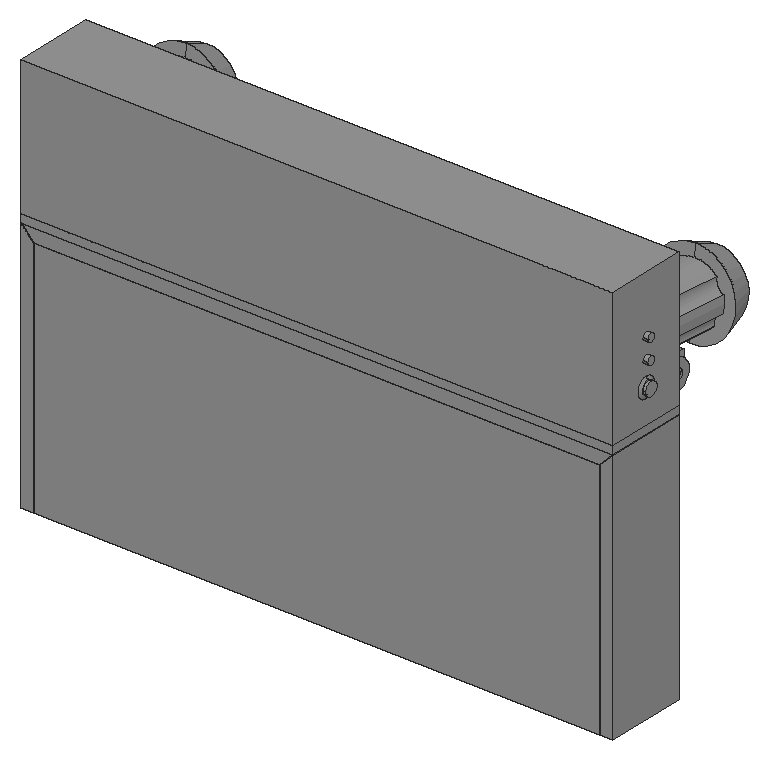
Revit family "STXC612LRLGUU2BTMRSWCT", category Lighting Fixtures, host Wall, Revit 2026
Family settings
  Host = Wall
  Round Connector Dimension = Use Diameter
  Part Type = Normal
  Always vertical = Yes
  Cut with Voids When Loaded = No
  Light Source = Yes
  Maintain Annotation Orientation = No
  Shared = No
  Room Calculation Point = No
Parameters (values of type "STXC6-12LRUU2BTMRSWCT")
  Wattage Comments = "1W"
  Wattage = 4.35567 W
  built-in parameter 1150110 = 1 (stored number, unit not read)
  Type Image = STXC CT - IMAGE.jpg
  built-in parameter 1114217 = 1 (stored number, unit not read)
  Tilt Angle = 0.00°
  built-in parameter 1150109 = 1 (stored number, unit not read)
  built-in parameter 1150134 = 2
  built-in parameter 1150113 = 1 (stored number, unit not read)
  Photometric Web File = "MR16 LED_7W-12-24V.ies"
  Model = "STXC CT"
  Manufacturer = "BEGHELLI"
  MOUNTING HEIGHT = 90.00"
  built-in parameter 1150105 = 51.487 (stored number, unit not read)
  Lumens = 647 lm
  built-in parameter 1150115 = 1 (stored number, unit not read)
  built-in parameter 1150137 = (empty or 0)
  built-in parameter 1150139 = (empty or 0)
  built-in parameter 1150112 = 1 (stored number, unit not read)
  built-in parameter 1150114 = 1 (stored number, unit not read)
  Lamp = "LED"
  LETTER MATERIAL = LETTERS MATERIAL RED
  LENS MATERIAL = LENS MATERIAL
  built-in parameter 1150132 = 2
  built-in parameter 1150102 = (empty or 0)
  built-in parameter 1150107 = 5000 (stored number, unit not read)
  built-in parameter 1150138 = (empty or 0)
  built-in parameter 1150106 = 0.51487 (stored number, unit not read)
  HOUSING MATERIAL = HOUSING MATERIAL
  Emit from Line Length = 24.00"
  built-in parameter 1150104 = 13.8 (stored number, unit not read)
  Dimming Lamp Color Temperature Shift = <None>
  Default Elevation = 0.00"
  Color Filter = 16777215
  built-in parameter 1114218 = 1 (stored number, unit not read)
  built-in parameter 1150133 = 10 (stored number, unit not read)
Types (3): name | Wattage | Tilt Angle | built-in parameter 1150134 | Photometric Web File | MOUNTING HEIGHT | built-in parameter 1150105 | Lumens | LETTER MATERIAL | built-in parameter 1150132 | built-in parameter 1150107 | built-in parameter 1150106
  (no name) | 4.35567 W | 0.00° | 2 | "MR16 LED_7W-12-24V.ies" | 90.00" | 51.487 (stored number, unit not read) | 647 lm | LETTERS MATERIAL RED | 2 | 5000 (stored number, unit not read) | 0.51487 (stored number, unit not read)
  STXC6-12LGUU2BTMRSWCT | 9.2903 W | 60.00° | 3 | "generic" | 92.93795" | 109.82 (stored number, unit not read) | 1380 lm | LETTERS MATERIAL GREEN | (empty or 0) | 3200 (stored number, unit not read) | 1.0982 (stored number, unit not read)
  STXC6-12LRUU2BTMRSWCT | 4.35567 W | 0.00° | 2 | "MR16 LED_7W-12-24V.ies" | 90.00" | 51.487 (stored number, unit not read) | 647 lm | LETTERS MATERIAL RED | 2 | 5000 (stored number, unit not read) | 0.51487 (stored number, unit not read)
Reference planes (in)
  plane 1: y = 0
  plane 2 "Center (Left/Right)": x = 0
  plane 3 "Wall Edge": y = 3
  plane 4: z = 90
Text (in)
  text "Placement Side" at (0, 40.15149, 123.01588), in view "Right"
  text "Placement Side" at (-70.3804, 28.46503, 0), in view "Ref. Level"
  text "Placement Side" at (0, 81.62555, 140.59947), in view "Left"
Dimensions and locks (in)
  locked: plane 3 "Wall Edge" to host wall
  "MOUNTING HEIGHT": plane 4 to level
  locked: plane 4 to imposter light at 4.17
  aligned and locked: imposter light to nested 1
Nested families (in)
  nested 1: "STXC CT - WALL" at (0, 4.25, 77.83), type "STXC CT - WALL"
Definition of nested family "STXC CT - WALL"
  Parameters (values of type "STXC CT - WALL")
    LETTTER MATERIAL = none
    LENS MATERIAL = none
    HOUSING MATERIAL = none
    Default Elevation = 0.00"
  Reference planes (in)
    plane 1 "Center (Front/Back)": y = 0
    plane 2: z = 0
    plane 3 "Center (Left/Right)": x = 0
  Dimensions and locks (in)
    aligned and locked: plane 2 to level
    aligned and locked: nested 1 to nested 2
  Nested families (in)
    nested 1: "STXC CT - HOUSING WALL" at (0, 0, 0), type "STXC CT - HOUSING WALL"
    nested 2: "STXC CT - LAMP" at (-7.75, -1.25, 5.4), type "STXC CT - LAMP"
    nested 3: "STXC CT - LAMP" at (7.75, -1.25, 5.4) x (-1, 0, 0) z (0, 0, 1), type "STXC CT - LAMP"
    nested 4: "STX-CT - WALL - LETTER" at (-0.13351, -0.96875, 2.75) x (-1, 0, 0) z (0, 0, 1), type "LETTERS"
  Definition of nested family "STXC CT - HOUSING WALL"
    Parameters (values of type "STXC CT - HOUSING WALL")
      HOUSING MATERIAL = none
      Default Elevation = 0.00"
    Reference planes (in)
      plane 1 "Center (Front/Back)": y = 0
      plane 2: z = 0
      plane 3 "Center (Left/Right)": x = 0
      plane 4: z = 7.75
      plane 5: x = -9
      plane 6: x = 9
      plane 7: z = 12.17
      plane 8: y = 1.25
      plane 9: y = -1.25
    Forms (in)
      Extrusion 1, solid, material <- "HOUSING MATERIAL"
        sketch origin (1.75, 0, -1.29727) x (-1, 0, 0) y (0, 0, 1)
          loop
            line (-7.25, 9.04727) -> (-7.25, 1.29727) -> (-6.85156, 1.29727) -> (-6.85156, 8.64883) -> (-7.25, 9.04727)
        from 1.25 to -1.25
      Extrusion 2, solid, material <- "HOUSING MATERIAL"
        sketch origin (0, 0, -4.75) x (-1, 0, 0) y (0, 0, -1)
          loop
            line (-8.60156, -12.10156) -> (-9, -12.5) -> (9, -12.5) -> (8.60156, -12.10156) -> (-8.60156, -12.10156)
        from -1.25 to 1.25
      Extrusion 3, solid, material <- "HOUSING MATERIAL"
        sketch origin (0, 0, 0) x (1, 0, 0) y (0, 0, 1)
          loop
            line (-8.60156, 7.35156) -> (-8.60156, 0) -> (8.60156, 0) -> (8.60156, 7.35156) -> (-8.60156, 7.35156)
        from -1.25 to 1.25
      Extrusion 4, solid, material <- "HOUSING MATERIAL"
        sketch origin (-1.75, 0, -1.29727) x (1, 0, 0) y (0, 0, -1)
          loop
            line (-7.25, -9.04727) -> (-6.85156, -8.64883) -> (-6.85156, -1.29727) -> (-7.25, -1.29727) -> (-7.25, -9.04727)
        from 1.25 to -1.25
      Extrusion 5, solid, material <- "HOUSING MATERIAL"
        sketch origin (0, 0, 0) x (1, 0, 0) y (0, 0, 1)
          loop
            line (-9, 12.17) -> (-9, 8) -> (9, 8) -> (9, 12.17) -> (-9, 12.17)
        from -1.25 to 1.25
      Extrusion 6, solid
        sketch origin (0, 0, 0) x (1, 0, 0) y (0, 0, 1)
          loop
            line (-9, 8) -> (-9, 7.75) -> (9, 7.75) -> (9, 8) -> (-9, 8)
        from -1.25 to 1.25
      Extrusion 7, solid
        sketch origin (0, 0, 0) x (0, 1, 0) y (0, 0, 1)
          loop
            circle (0, 9.05522) r 0.2
          loop
            circle (0, 9.82366) r 0.11229
          loop
            circle (0, 10.4544) r 0.11229
        from 8.90867 to 9.16851
      Revolve 8, solid, material <- "HOUSING MATERIAL"
        sketch origin (0, 0, 0) x (1, 0, 0) y (0, 0, 1)
          loop
            line (9, 9.05522) -> (9, 8.7415) -> (9.06558, 8.85209) -> (9.06558, 9.05522) -> (9, 9.05522)
          axis (9, 9.05522) -> (9.06558, 9.05522)
        angle from 0 to 360
    Dimensions and locks (in)
      plane 3 "Center (Left/Right)" to plane 5 = 9.00"
      plane 4 to level = 7.75"
      plane 7 to level = 12.17"
      plane 8 to plane 1 "Center (Front/Back)" = 1.25"
      aligned and locked: plane 2 to level
  Definition of nested family "STXC CT - LAMP"
    Parameters (values of type "STXC CT - LAMP")
      LENS MATERIAL = none
      HOUSING MATERIAL = none
      Default Elevation = 0.00"
    Reference planes (in)
      plane 1 "Center (Front/Back)": y = 0
      plane 2: z = 0
      plane 3 "Center (Left/Right)": x = 0
      plane 4: z = 6.125
    Forms (in)
      Revolve 1, solid, material <- "LENS MATERIAL"
        sketch origin (0, -0.92583, 12.04621) x (0, 0.996195, 0.087156) y (0, -0.087156, 0.996195)
          loop
            line (-2.66819, -8.54052) -> (-2.66819, -7.62046) -> (-2.92453, -7.62046)
            arc (-2.92453, -7.62046) -> (-2.85268, -8.09618) -> (-2.66819, -8.54052) r 1.97975
          axis (-2.66819, -7.62046) -> (-2.92453, -7.62046)
        angle from 0 to 360
      Extrusion 2, solid, material <- "HOUSING MATERIAL"
        sketch origin (0, -0.69298, 12.32371) x (1, 0, 0) y (0, -0.087156, 0.996195)
          loop
            arc (0.68133, -8.5422) -> (0.72365, -8.28291) -> (0.92705, -8.11661) r 0.37113
            arc (0.92705, -8.11661) -> (0.96056, -7.8651) -> (0.92705, -7.6136) r 0.96056
            arc (0.92705, -7.6136) -> (0.72986, -7.45766) -> (0.67731, -7.21181) r 0.37113
            arc (0.67731, -7.21181) -> (0, -6.92755) -> (-0.67731, -7.21181) r 0.94905
            arc (-0.67731, -7.21181) -> (-0.72919, -7.45657) -> (-0.92464, -7.61278) r 0.37113
            arc (-0.92464, -7.61278) -> (-0.94922, -7.8651) -> (-0.92464, -8.11742) r 1.30707
            arc (-0.92464, -8.11742) -> (-0.72302, -8.28401) -> (-0.68133, -8.5422) r 0.37113
            arc (-0.68133, -8.5422) -> (0, -8.82566) -> (0.68133, -8.5422) r 0.96056
        from 0.27416 to 2.10069
      Revolve 3, solid, material <- "HOUSING MATERIAL"
        sketch origin (0, -0.69298, 12.32371) x (0, 0.996195, 0.087156) y (0, -0.087156, 0.996195)
          loop
            line (-2.92434, -8.90605) -> (-2.10069, -9.19477) -> (-2.10069, -7.87568) -> (-2.92434, -7.87568) -> (-2.92434, -8.90605)
          axis (-2.10069, -7.87568) -> (-2.92434, -7.87568)
        angle from 0 to 360
      Extrusion 4, solid, material <- "HOUSING MATERIAL"
        sketch origin (0, -0.23271, -3.01703) x (0, 1, 0) y (0, 0, 1)
          loop
            circle (-0.46306, 5.8992) r 0.46661
          loop
            circle (-0.46306, 5.8992) r 0.16079
          loop
            circle (-0.46306, 5.8992) r 0.21157
        from -0.62358 to 0.64014
      Extrusion 5, solid, material <- "HOUSING MATERIAL"
        sketch origin (0, 0.24219, 12.51953) x (0, 1, 0) y (0, 0, 1)
          loop
            circle (-0.93795, -9.63736) r 0.21157
          loop
            circle (-0.93795, -9.63736) r 0.16079
        from -0.62358 to 0.64014
      Extrusion 6, solid, material <- "HOUSING MATERIAL"
        sketch origin (0, 0.24219, 12.25) x (0, 1, 0) y (0, 0, 1)
          loop
            line (-1.29718, -9.06837) -> (-0.57826, -9.06837) -> (-0.57826, -8.74756) -> (-1.29718, -8.81046) -> (-1.29718, -9.06837)
        from -0.55475 to 0.57856
      Extrusion 7, solid, material <- "HOUSING MATERIAL"
        sketch origin (0, 0.21875, 12.25) x (0, 1, 0) y (0, 0, 1)
          loop
            line (-0.54529, -9.65) -> (-0.2191, -9.65) -> (-0.2191, -9.08494) -> (-0.54529, -9.08494) -> (-0.54529, -9.65)
        from -0.55475 to 0.57856
    Dimensions and locks (in)
      aligned and locked: plane 2 to level
  Definition of nested family "STX-CT - WALL - LETTER"
    Parameters (values of type "LETTERS")
      LETTERS MATERIAL = none
      Default Elevation = 0.00"
    Reference planes (in)
      plane 1 "Center (Front/Back)": y = 0
      plane 2: z = 0
      plane 3 "Center (Left/Right)": x = 0
    Forms (in)
      Extrusion 1, solid, material <- "LETTERS MATERIAL"
        sketch origin (3.5945, 3.38379, 5.44087) x (1, 0, 0) y (0, 0, 1)
          loop
            line (-10.11004, -7.56338) -> (-8.11004, -7.56338) -> (-8.11004, -6.56338) -> (-9.24971, -6.56338) -> (-9.24971, -5.12429) -> (-8.11004, -5.12429) -> (-8.11004, -4.18838) -> (-9.24971, -4.18838) -> (-9.24971, -2.56338) -> (-8.11004, -2.56338) -> (-8.11004, -1.56338) -> (-10.11004, -1.56338) -> (-10.11004, -7.56338)
          loop
            line (-10.50424, -3.87794) -> (-10.84122, -3.87794) -> (-11.47447, -4.5112) -> (-10.84122, -5.14445) -> (-10.50424, -5.14445) -> (-11.13749, -4.5112) -> (-10.50424, -3.87794)
          loop
            line (-7.79339, -7.56338) -> (-7.01214, -7.56338) -> (-6.73243, -6.35183) -> (-6.45272, -7.56338) -> (-5.65581, -7.56338) -> (-6.35899, -4.5176) -> (-5.67695, -1.56338) -> (-6.47386, -1.56338) -> (-6.73243, -2.68338) -> (-6.991, -1.56338) -> (-7.77225, -1.56338) -> (-7.09021, -4.5176) -> (-7.79339, -7.56338)
          loop
            line (-5.37284, -1.56338) -> (-5.37284, -7.56338) -> (-4.4504, -7.56338) -> (-4.4504, -1.56338) -> (-5.37284, -1.56338)
          loop
            line (-3.63919, -7.57039) -> (-2.81786, -7.57039) -> (-2.81786, -2.38404) -> (-2.24687, -2.38404) -> (-2.24687, -1.57039) -> (-4.21018, -1.57039) -> (-4.21018, -2.38404) -> (-3.63919, -2.38404) -> (-3.63919, -7.57039)
          loop
            line (-2.25484, -5.1445) -> (-1.91786, -5.1445) -> (-1.28461, -4.51125) -> (-1.91786, -3.87799) -> (-2.25484, -3.87799) -> (-1.62159, -4.51125) -> (-2.25484, -5.1445)
          loop
            arc (-0.41093, -4.59167) -> (-0.26901, -7.04527) -> (2.1846, -7.18719) r 1.84763
            line (2.1846, -7.18719) -> (1.75779, -6.76038)
            arc (1.75779, -6.76038) -> (0.15359, -6.62268) -> (0.01588, -5.01848) r 1.25
            line (0.01588, -5.01848) -> (-0.41093, -4.59167)
          loop
            line (1.99081, -6.52149) -> (2.41602, -6.9467)
            arc (2.41602, -6.9467) -> (2.81268, -6.10112) -> (2.7451, -5.16958) r 1.84763
            line (2.7451, -5.16958) -> (2.7451, -4.82169) -> (3.19268, -4.82169) -> (3.19268, -6.4411)
            arc (3.19268, -6.4411) -> (3.52053, -6.76895) -> (3.84839, -6.4411) r 0.32786
            line (3.84839, -6.4411) -> (3.84839, -4.39717)
            arc (3.84839, -4.39717) -> (3.76322, -4.19154) -> (3.55759, -4.10636) r 0.2908
            line (3.55759, -4.10636) -> (2.34839, -4.10636) -> (3.08413, -3.28924)
            arc (3.08413, -3.28924) -> (3.1801, -3.03924) -> (3.08413, -2.78924) r 0.37362
            line (3.08413, -2.78924) -> (1.28752, -1.51087)
            arc (1.28752, -1.51087) -> (1.11468, -1.47621) -> (0.95375, -1.54818) r 0.28964
            line (0.95375, -1.54818) -> (-0.00742, -2.61567)
            arc (-0.00742, -2.61567) -> (-0.00742, -3.08589) -> (0.4628, -3.08589) r 0.3325
            line (0.4628, -3.08589) -> (1.00239, -2.54631)
            arc (1.00239, -2.54631) -> (1.16991, -2.47954) -> (1.33743, -2.54631) r 0.24355
            line (1.33743, -2.54631) -> (1.54443, -2.75331)
            arc (1.54443, -2.75331) -> (1.56428, -2.82237) -> (1.55176, -2.89312) r 0.15926
            line (1.55176, -2.89312) -> (0.58892, -3.96246)
            arc (0.58892, -3.96246) -> (0.15498, -4.05935) -> (-0.18606, -4.34462) r 0.94119
            line (-0.18606, -4.34462) -> (0.23915, -4.76983)
            arc (0.23915, -4.76983) -> (1.87982, -4.88082) -> (1.99081, -6.52149) r 1.25
          loop
            circle (3.19268, -1.99682) r 0.60948
        from 3.6279 to 3.67122
    Dimensions and locks (in)
      aligned and locked: plane 2 to level
